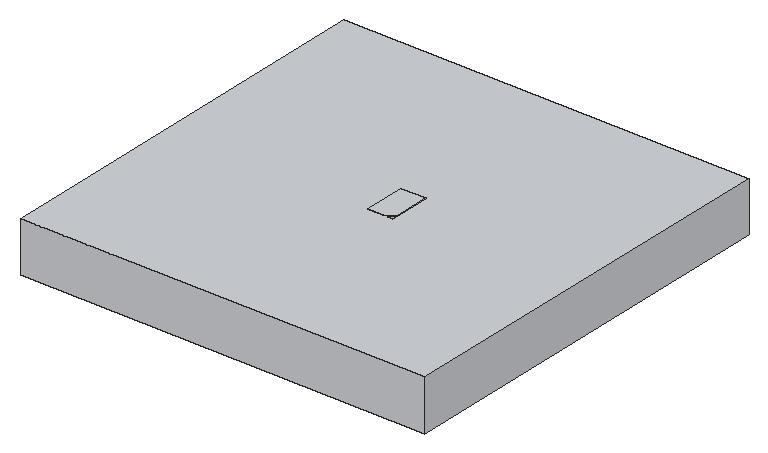
Revit family "00524d9eb346444b8eefae6ee7d86551", category Generic Models, host Face, Revit 2021
Family settings
  Host = Face
  Can host rebar = No
  Round Connector Dimension = Use Diameter
  Part Type = Normal
  Cut with Voids When Loaded = Yes
  Shared = No
  Room Calculation Point = No
Parameters
  nDepth = -Depth  # -0' - 2"
  Width = 0' - 6"
  Visibility dimension line [instance] = no
  Default Elevation = 4' - 0"
  Length = 0' - 11"
  Depth = 0' - 2"
Reference planes (in)
  plane 1 "Center ( Front/Back)": y = 0
  plane 2: z = 0
  plane 3 "Center (Left/Right)": x = 0
Forms (in)
  Extrusion 1, solid
    sketch origin (0, 0, 0) x (1, 0, 0) y (0, 1, 0)
      loop
        line (-48, 48) -> (-48, -48) -> (48, -48) -> (48, 48) -> (-48, 48)
    from 0 to -12
  Extrusion 2, solid
    sketch origin (0, 0, 0) x (1, 0, 0) y (0, 1, 0)
      loop
        line (0, 4.92126) -> (0, -4.92126) -> (5.90551, -4.92126) -> (5.90551, 4.92126) -> (0, 4.92126)
    from -0.3937 to 0
Lines and regions (in)
  model lines, style "Dimension_Top", visible <- "Visibility dimension line"
    curve 1: line (0, 0, 0) -> (5.90551, 0, 0)
Dimensions and locks (in)
  aligned and locked: plane 2 to Extrusion 1
  aligned and locked: level to Extrusion 1
